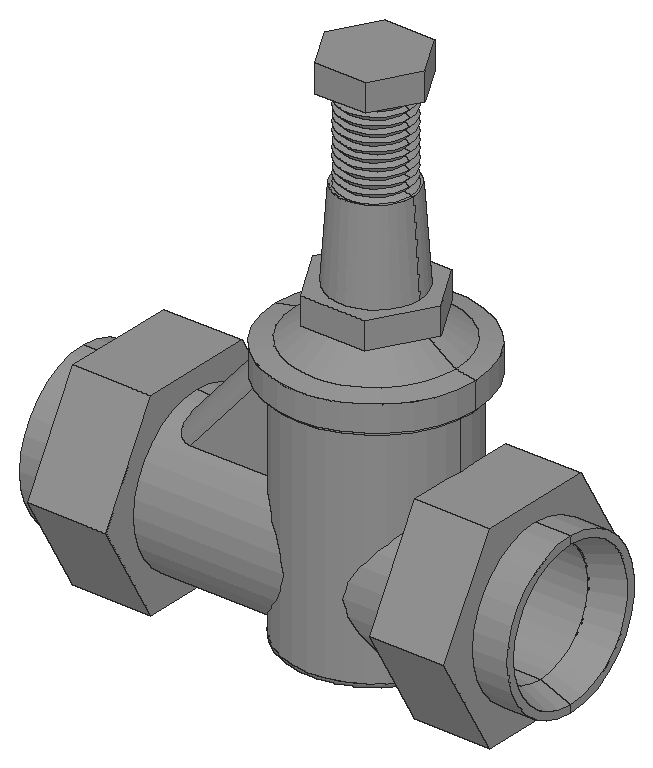
Revit family "prv-c-large", category Generic Models, Revit 2015
Parameters (values of type "PRV2.00-DU-IPS-C")
  h = 1 83/128"
  Size Radius = Size / 2  # 1"
  Size = 2"
  Rev1 = 1 3/4"
  Pressure Adjusting screw = Stainless Steel, Polished
  HEX = 3 19/64"
  H = 7.44"
  C' = C * 2 / 3  # 5 7/16"
  C = 8 5/32"
  Body and Cage = Bronze
Types (4): name | h | Size Radius | Size | Rev1 | HEX | C' | C
  (no name) | 1 83/128" | 1" | 2" | 1 3/4" | 3 19/64" | 5 7/16" | 8 5/32"
  PRV1.25-DU-IPS-C | 1 7/32" | 5/8" | 1 1/4" | 1 141/256" | 2 7/16" | 5 43/128" | 8 1/256"
  PRV1.50-DU-IPS-C | 1 27/64" | 3/4" | 1 1/2" | 1 83/128" | 2 27/32" | 4.98698" | 7 123/256"
  PRV2.00-DU-IPS-C | 1 83/128" | 1" | 2" | 1 3/4" | 3 19/64" | 5 7/16" | 8 5/32"
Reference planes (in)
  plane 1 "Center (Front/Back)": y = 0
  plane 2: z = 0
  plane 3 "Center (Left/Right)": x = 0
  plane 4: x = -5.4375
  plane 5: x = 2.71875
  plane 6: x = 2.71875
  plane 7: x = -5.4375
  plane 8: x = -1.35937
  plane 9: x = 2.76953
  plane 10: x = -5.38672
  plane 11: z = 7.44
  plane 12: z = -1.64844
  plane 13: through (168, 0, 0) normal (0, 0.866, -0.5)
  plane 14: through (168, 0, 0) normal (0, 0.866, 0.5)
  plane 15: through (-170.76953, 0, 0) normal (0, -0.866, 0.5)
  plane 16: through (-170.76953, 0, 0) normal (0, -0.866, -0.5)
  plane 17: z = 5.7127
  plane 18: x = -0.5
Forms (in)
  Revolve 1, solid, material "Bronze" <- "Body and Cage"
    sketch origin (0, 0, 0) x (1, 0, 0) y (0, 0, 1)
      loop
        line (-5.4375, 1.327) -> (-5.4375, 1.20272) -> (-4.95033, 1) -> (-4.05429, 1) -> (-4.05429, 1.327) -> (-5.4375, 1.327)
      axis (-4.05429, 0) -> (-5.4375, 0)
    angle from 0 to 360
  Revolve 2, solid, material "Bronze" <- "Body and Cage"
    sketch origin (-2.76953, 0, 0) x (-1, 0, 0) y (0, 0, 1)
      loop
        line (-5.48828, 1.327) -> (-5.48828, 1.20272) -> (-4.98654, 1) -> (1.28475, 1) -> (1.28475, 1.327) -> (-5.48828, 1.327)
      axis (1.28475, 0) -> (-5.48828, 0)
    angle from 0 to 360
  Revolve 3, solid, material "Bronze" <- "Body and Cage"
    sketch origin (0, 0, 0) x (1, 0, 0) y (0, 0, 1)
      loop
        line (0.8785, -1.24068) -> (0.8785, 2.55882) -> (0.98464, 2.55882) -> (1.0215, 2.59568) -> (1.07331, 2.59568) -> (1.07331, 2.65758) -> (1.1285, 2.65758) -> (1.1285, 3.09177) -> (0.80521, 3.16049) -> (0.2578, 3.52998) -> (0.22596, 3.98539) -> (0.19089, 3.98539) -> (0.086, 5.48539) -> (-0.54167, 5.48539) -> (-0.54167, 5.28617) -> (-0.09977, 5.28617) -> (-0.00784, 3.9715) -> (0.02722, 3.9715) -> (0.05907, 3.51608) -> (0.15121, 3.35648) -> (0.24627, 3.35648) -> (0.24627, 2.87222) -> (0.67929, 2.62222) -> (0.67929, -1.15547)
        arc (0.67929, -1.15547) -> (0.65167, -1.22214) -> (0.58499, -1.24976) r 0.09429
        line (0.58499, -1.24976) -> (-0.40801, -1.24976) -> (-0.46305, -1.36778) -> (-0.54167, -1.36778) -> (-0.54167, -1.42661) -> (-0.37747, -1.42661) -> (-0.37747, -1.33027) -> (0.78892, -1.33027)
        arc (0.78892, -1.33027) -> (0.85226, -1.30403) -> (0.8785, -1.24068) r 0.08959
      axis (-0.54167, 5.48539) -> (-0.54167, -1.42661)
    angle from 0 to 360
  Extrusion 4, solid, material "Bronze" <- "Body and Cage"
    sketch origin (0, 0, 0) x (0, 1, 0) y (0, 0, 1)
      loop
        line (-0.95173, 1.64844) -> (-1.90345, 0) -> (-0.95173, -1.64844) -> (0.95173, -1.64844) -> (1.90345, 0) -> (0.95173, 1.64844) -> (-0.95173, 1.64844)
      loop
        circle (0, 0) r 1
    from 0.87699 to 2.12699
  Extrusion 5, solid, material "Bronze" <- "Body and Cage"
    sketch origin (-2.76953, 0, 0) x (0, 1, 0) y (0, 0, -1)
      loop
        line (-0.95173, -1.64844) -> (0.95173, -1.64844) -> (1.90345, 0) -> (0.95173, 1.64844) -> (-0.95173, 1.64844) -> (-1.90345, 0) -> (-0.95173, -1.64844)
    from 0.77543 to 2.07621
  Extrusion 6, void
    sketch origin (0, 0, 0) x (0, 1, 0) y (0, 0, 1)
      loop
        circle (0, 0) r 1
    from -8.66324 to 12
  Blend 7, solid, material "Bronze" <- "Body and Cage"
    base sketch origin (-3.20432, -0.18371, 0) x (1, 0, 0) y (0, 1, 0)
      loop
        arc (1.5732, 0.87222) -> (1.21965, 0.72577) -> (1.0732, 0.37222) r 0.5
        line (1.0732, 0.37222) -> (1.0732, -0.12778)
        arc (1.0732, -0.12778) -> (1.21965, -0.48134) -> (1.5732, -0.62778) r 0.5
        line (1.5732, -0.62778) -> (2.69637, -0.62778)
        arc (2.69637, -0.62778) -> (2.97271, -0.51332) -> (3.08717, -0.23699) r 0.3908
        line (3.08717, -0.23699) -> (3.08717, 0.49906)
        arc (3.08717, 0.49906) -> (2.97787, 0.76292) -> (2.71401, 0.87222) r 0.37316
        line (2.71401, 0.87222) -> (1.5732, 0.87222)
    top sketch origin (-3.20432, -0.18371, 0) x (1, 0, 0) y (0, 1, 0)
      loop
        arc (-0.34996, 0.85278) -> (-0.70352, 0.70633) -> (-0.84996, 0.35278) r 0.5
        line (-0.84996, 0.35278) -> (-0.84996, -0.14722)
        arc (-0.84996, -0.14722) -> (-0.70352, -0.50077) -> (-0.34996, -0.64722) r 0.5
        line (-0.34996, -0.64722) -> (1.19697, -0.64722)
        arc (1.19697, -0.64722) -> (1.4733, -0.53276) -> (1.58776, -0.25642) r 0.3908
        line (1.58776, -0.25642) -> (1.58776, 0.47962)
        arc (1.58776, 0.47962) -> (1.47847, 0.74349) -> (1.2146, 0.85278) r 0.37316
        line (1.2146, 0.85278) -> (-0.34996, 0.85278)
    from 2.62222 to 0.35433
  Revolve 8, solid, material "Stainless Steel, Polished" <- "Pressure Adjusting screw"
    sketch origin (0, 0, 0) x (1, 0, 0) y (0, 0, 1)
      loop
        line (-0.54167, 5.48539) -> (-0.54167, 6.98539) -> (-1.06868, 6.98539) -> (-1.02604, 6.94275) -> (-1.11074, 6.90326) -> (-1.02604, 6.81856) -> (-1.11482, 6.77717) -> (-1.02604, 6.68839) -> (-1.11482, 6.64699) -> (-1.02604, 6.55821) -> (-1.11074, 6.51872) -> (-1.02604, 6.43402) -> (-1.11482, 6.39262) -> (-1.02604, 6.30385) -> (-1.11482, 6.26245) -> (-1.02604, 6.17367) -> (-1.11074, 6.13418) -> (-1.02604, 6.04948) -> (-1.11482, 6.00808) -> (-1.02604, 5.91931) -> (-1.11697, 5.87691) -> (-1.02544, 5.78538) -> (-1.11074, 5.7456) -> (-1.02604, 5.66091) -> (-1.11482, 5.61951) -> (-1.02604, 5.53073) -> (-1.12328, 5.48539) -> (-0.54167, 5.48539)
      axis (-0.54167, 6.98539) -> (-0.54167, 5.48539)
    angle from 0 to 360
  Extrusion 9, solid, material "Stainless Steel, Polished" <- "Pressure Adjusting screw"
    sketch origin (0, 0, 0) x (1, 0, 0) y (0, 1, 0)
      loop
        line (0.28638, 0) -> (-0.13456, 0.72908) -> (-0.97642, 0.72908) -> (-1.39735, 0) -> (-0.97642, -0.72908) -> (-0.13456, -0.72908) -> (0.28638, 0)
    from 6.98539 to 7.44
  Extrusion 10, solid, material "Bronze" <- "Body and Cage"
    sketch origin (0, 0, -3.45541) x (0, -1, 0) y (1, 0, 0)
      loop
        line (-0.03711, 0.5119) -> (-0.88728, 0.02106) -> (-0.88728, -1.13204) -> (-0.03711, -1.62288) -> (0.88728, -1.08919) -> (0.88728, -0.02179) -> (-0.03711, 0.5119)
    from 6.98539 to 7.44
Cuts and joins
  Extrusion 6 cuts Revolve 3
  joined: Revolve 3, Extrusion 10
  joined: Revolve 8, Extrusion 9
  Extrusion 6 cuts Revolve 2
  Extrusion 6 cuts Extrusion 5
  Extrusion 6 cuts Blend 7
  joined: Revolve 1, Revolve 2, Extrusion 4, Extrusion 5, Blend 7
Dimensions and locks (in)
  "Size Radius": Revolve 1 sketch curve to level
  "C": plane 5 to plane 4
  "C'": plane 3 "Center (Left/Right)" to plane 4
  "C'": plane 3 "Center (Left/Right)" to plane 7
  "C": plane 6 to plane 7
  equal spacing: plane 6, plane 8, plane 7
  "C": plane 10 to plane 9
  "Size Radius": Revolve 2 sketch curve to Revolve 2 sketch curve
  "H": plane 11 to plane 2
  "h": plane 12 to plane 2
  equal spacing: Extrusion 4 sketch curve, level, Extrusion 4 sketch curve
  "HEX": Extrusion 4 sketch curve to Extrusion 4 sketch curve  (x3)
  equal spacing: Extrusion 4 sketch curve, plane 14, Extrusion 4 sketch curve
  equal spacing: Extrusion 4 sketch curve, plane 13, Extrusion 4 sketch curve
  Extrusion 5 sketch curve to Extrusion 5 sketch curve = 3 19/64"
  "HEX": Extrusion 5 sketch curve to Extrusion 5 sketch curve  (x3)
  equal spacing: Extrusion 5 sketch curve, plane 16, Extrusion 5 sketch curve
  equal spacing: Extrusion 5 sketch curve, plane 15, Extrusion 5 sketch curve
  equal spacing: Extrusion 5, plane 8, Extrusion 4
  equal spacing: cut or joined group of Revolve 3, Extrusion 6, Extrusion 10, Revolve 8 sketch curve, cut or joined group of Revolve 3, Extrusion 6, Extrusion 10
  equal spacing: plane 11, plane 17, cut or joined group of Revolve 3, Extrusion 6, Extrusion 10
  "Size Radius": radius of Extrusion 6 sketch curve
  "Size Radius": radius of Extrusion 4 sketch curve
  angle level to plane 13 = 60.00°
  locked: plane 14 to plane 2 (angle 60.00°)
  aligned and locked: plane 2 to Revolve 1 sketch curve
  aligned and locked: Revolve 2 sketch curve to Revolve 1
  aligned and locked: level to Extrusion 6 sketch curve
  aligned and locked: plane 1 "Center (Front/Back)" to Extrusion 6 sketch curve
  aligned and locked: Revolve 3 sketch curve to Revolve 3 sketch curve  (x2)
  aligned and locked: Blend 7 sketch curve to Revolve 1
  aligned and locked: Revolve 8 sketch curve to cut or joined group of Revolve 3, Extrusion 6, Extrusion 10
  aligned and locked: Revolve 8 sketch curve to Revolve 8 sketch curve
  aligned and locked: Extrusion 9 to Revolve 8
  aligned and locked: plane 11 to Extrusion 9
  aligned and locked: plane 1 "Center (Front/Back)" to Extrusion 4 sketch curve
  aligned and locked: level to Extrusion 4 sketch curve
Automatic sketch dimensions
  plane 8 to Blend 7 sketch curve = 0.77175"
  plane 8 to Blend 7 sketch curve = 0.27175"  (x2)
  Blend 7 sketch curve to plane 3 "Center (Left/Right)" = 0.50795"
  Blend 7 sketch curve to plane 3 "Center (Left/Right)" = 0.49031"
  Blend 7 sketch curve to plane 3 "Center (Left/Right)" = 0.11715"
  plane 1 "Center (Front/Back)" to Blend 7 sketch curve = 0.8115"
  Blend 7 sketch curve to plane 1 "Center (Front/Back)" = 0.1885"
  Blend 7 sketch curve to plane 1 "Center (Front/Back)" = 0.16907"
  Blend 7 sketch curve to Blend 7 sketch curve = 1/2"  (x2)
  plane 8 to Blend 7 sketch curve = 0.64798"
  Blend 7 sketch curve to plane 1 "Center (Front/Back)" = 0.29591"
  plane 8 to Blend 7 sketch curve = 0.63034"
  plane 1 "Center (Front/Back)" to Blend 7 sketch curve = 0.33093"
  plane 3 "Center (Left/Right)" to Extrusion 10 sketch curve = 0.02106"
  Extrusion 10 sketch curve to plane 1 "Center (Front/Back)" = 0.03711"  (x2)
  Extrusion 10 sketch curve to plane 3 "Center (Left/Right)" = 0.02179"
  Extrusion 10 sketch curve to plane 8 = 0.27019"
  Extrusion 10 sketch curve to plane 8 = 0.22734"
  plane 3 "Center (Left/Right)" to Extrusion 10 sketch curve = 0.5119"
  plane 1 "Center (Front/Back)" to Extrusion 10 sketch curve = 0.88728"
  Extrusion 10 sketch curve to plane 1 "Center (Front/Back)" = 0.88728"
  plane 8 to Extrusion 10 sketch curve = 0.26351"
  plane 1 "Center (Front/Back)" to Extrusion 9 sketch curve = 0"  (x2)
  Extrusion 9 sketch curve to plane 3 "Center (Left/Right)" = 0.13456"  (x2)
  plane 8 to Extrusion 9 sketch curve = 0.03798"
  Extrusion 9 sketch curve to plane 8 = 0.38295"  (x2)
  Extrusion 9 sketch curve to plane 1 "Center (Front/Back)" = 0.72908"
  plane 3 "Center (Left/Right)" to Extrusion 9 sketch curve = 0.28638"
  plane 1 "Center (Front/Back)" to Extrusion 9 sketch curve = 0.72908"
  plane 17 to Revolve 8 sketch curve = 0.07268"
  Revolve 8 sketch curve to plane 8 = 0.33394"
  Revolve 8 sketch curve to plane 8 = 0.33333"  (x2)
  Revolve 8 sketch curve to Revolve 8 sketch curve = 0.00061"  (x2)
  Revolve 8 sketch curve to Revolve 8 sketch curve = 0"  (x8)
  Revolve 8 sketch curve to plane 17 = 0.05179"
  plane 17 to Revolve 8 sketch curve = 0.03291"
  Revolve 8 sketch curve to Revolve 8 sketch curve = 0.0853"
  Revolve 8 sketch curve to Revolve 8 sketch curve = 0.0847"  (x6)
  Revolve 8 sketch curve to plane 17 = 0.09319"
  Revolve 8 sketch curve to Revolve 8 sketch curve = 0.08878"  (x11)
  Revolve 8 sketch curve to Revolve 8 sketch curve = 0.09092"
  Revolve 8 sketch curve to Revolve 8 sketch curve = 0.09723"
  Revolve 8 sketch curve to Revolve 8 sketch curve = 0.13412"
  Revolve 8 sketch curve to Revolve 8 sketch curve = 0.04534"
  Revolve 8 sketch curve to Revolve 8 sketch curve = 0.09153"
  Revolve 8 sketch curve to Revolve 8 sketch curve = 0.0424"
  Revolve 8 sketch curve to Revolve 8 sketch curve = 0.0414"  (x5)
  Revolve 8 sketch curve to Revolve 8 sketch curve = 0.03949"  (x3)
  Revolve 8 sketch curve to Revolve 8 sketch curve = 0.04264"  (x2)
  Revolve 3 sketch curve to plane 17 = 0.2273"
  Revolve 3 sketch curve to plane 3 "Center (Left/Right)" = 0.54167"
  Revolve 3 sketch curve to Revolve 3 sketch curve = 0.07862"
  Revolve 3 sketch curve to Revolve 3 sketch curve = 0.05504"
  Revolve 3 sketch curve to Revolve 3 sketch curve = 0.08558"
  Revolve 3 sketch curve to plane 3 "Center (Left/Right)" = 0.09977"
  Revolve 3 sketch curve to plane 3 "Center (Left/Right)" = 0.00784"
  plane 3 "Center (Left/Right)" to Revolve 3 sketch curve = 0.02722"
  plane 3 "Center (Left/Right)" to Revolve 3 sketch curve = 0.05907"
  plane 3 "Center (Left/Right)" to Revolve 3 sketch curve = 0.086"
  plane 3 "Center (Left/Right)" to Revolve 3 sketch curve = 0.15121"
  Revolve 3 sketch curve to Revolve 3 sketch curve = 0.16367"
  Revolve 3 sketch curve to Revolve 3 sketch curve = 0.03507"
  Revolve 3 sketch curve to Revolve 3 sketch curve = 0.09506"
  Revolve 3 sketch curve to Revolve 3 sketch curve = 0.01153"
  plane 3 "Center (Left/Right)" to Revolve 3 sketch curve = 0.58499"
  Revolve 3 sketch curve to Revolve 3 sketch curve = 0.43301"
  Revolve 3 sketch curve to Revolve 3 sketch curve = 0.10963"
  Revolve 3 sketch curve to Revolve 3 sketch curve = 0.12592"
  Revolve 3 sketch curve to Revolve 3 sketch curve = 51/256"  (x2)
  Revolve 3 sketch curve to Revolve 3 sketch curve = 0.10614"
  Revolve 3 sketch curve to Revolve 3 sketch curve = 0.03686"  (x2)
  Revolve 3 sketch curve to Revolve 3 sketch curve = 0.05181"
  Revolve 3 sketch curve to Revolve 3 sketch curve = 0.05519"
  Revolve 3 sketch curve to Revolve 3 sketch curve = 1 77/256"
  Revolve 3 sketch curve to Revolve 3 sketch curve = 0.0139"  (x2)
  Revolve 3 sketch curve to Revolve 3 sketch curve = 0.45541"
  Revolve 3 sketch curve to Revolve 3 sketch curve = 0.17349"
  Revolve 3 sketch curve to Revolve 3 sketch curve = 0.196"
  Revolve 3 sketch curve to Revolve 3 sketch curve = 0.06872"
  Revolve 3 sketch curve to Revolve 3 sketch curve = 0.48427"
  Revolve 3 sketch curve to Revolve 3 sketch curve = 0.43419"
  Revolve 3 sketch curve to Revolve 3 sketch curve = 0.03536"
  Revolve 3 sketch curve to Revolve 3 sketch curve = 0.0619"
  plane 12 to Revolve 3 sketch curve = 0.49297"
  Revolve 3 sketch curve to Revolve 3 sketch curve = 0.08521"
  Revolve 3 sketch curve to Revolve 3 sketch curve = 0.03752"
  Revolve 3 sketch curve to Revolve 3 sketch curve = 0.05882"
  Revolve 3 sketch curve to plane 12 = 2 11/256"
  Revolve 3 sketch curve to plane 11 = 0.23298"
  Revolve 1 sketch curve to plane 4 = 0"
  plane 4 to Revolve 1 sketch curve = 0.48717"
  Revolve 1 sketch curve to Revolve 1 sketch curve = 0.89604"
  Revolve 1 sketch curve to Revolve 1 sketch curve = 0.20272"
  Revolve 1 sketch curve to Revolve 1 sketch curve = 0.12428"
  Revolve 1 sketch curve to plane 4 = 0.03335"
  Revolve 1 sketch curve to Revolve 1 sketch curve = 0.67719"
  Revolve 2 sketch curve to plane 6 = 0"
  Revolve 2 sketch curve to level = 0"
  plane 6 to Revolve 2 sketch curve = 0.50174"
  Revolve 2 sketch curve to Revolve 2 sketch curve = 0.20272"
  Revolve 2 sketch curve to Revolve 2 sketch curve = 0.12428"
  plane 6 to Revolve 2 sketch curve = 0.06822"
  Revolve 2 sketch curve to plane 3 "Center (Left/Right)" = 0.60757"
  plane 16 to Extrusion 5 sketch curve = 0"
Connectors (in)
  piping at (-5.4375, 0, 0), diameter 2, driven by "Size"
    settings: on Revolve 1, index 1, connector inside diameter 609.6 mm, connector length 0", flow factor 0, pipe flow 0.0 L/s, pressure drop 0.0 Pa, fitting loss kfactor 0, connector angle 0.00°, fixture units 0, engagement length 0", angle of deflection 0.00°, flow configuration 0, flow direction 0, fitting loss method 0, system type 7, joint type 0, gender type 0, connector reference index -1, connector utility 0, adjustable connector no, is connector primary yes, connector description ""
  piping at (2.71875, 0, 0), diameter 2, driven by "Size"
    settings: on cut or joined group of Revolve 1, Revolve 2, Extrusion 4, Extrusion 5, Extrusion 6, Blend 7, index 2, connector inside diameter 609.6 mm, connector length 0", flow factor 0, pipe flow 0.0 L/s, pressure drop 0.0 Pa, fitting loss kfactor 0, connector angle 0.00°, fixture units 0, engagement length 0", angle of deflection 0.00°, flow configuration 0, flow direction 0, fitting loss method 0, system type 7, joint type 0, gender type 0, connector reference index -1, connector utility 0, adjustable connector no, is connector primary no, connector description ""
